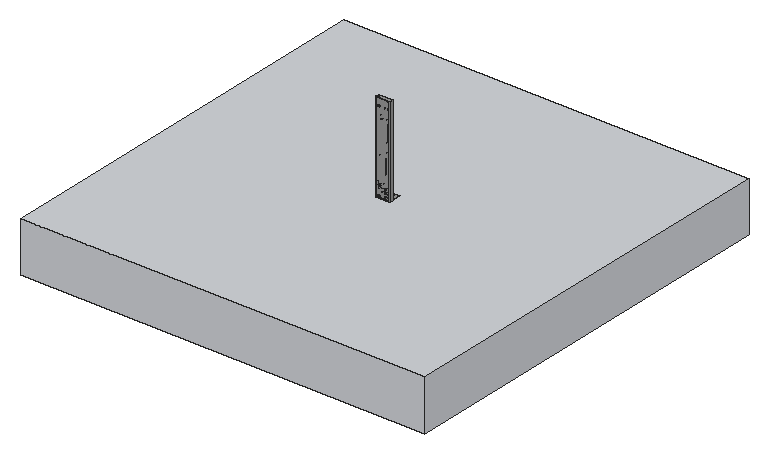
Revit family "Hekatron_Feststellanlagen_KONSOLE 143-K_DE_22.01", category Brandmelder, Revit 2018
Family settings
  Basisbauteil = Fläche
  Beschriftungsausrichtung beibehalten = Nein
  Bemaßung runder Anschluss = Durchmesser verwenden
  Teiletyp = Normal
  Beim Laden mit Abzugskörper schneiden = Nein
  Gemeinsam genutzt = Nein
  Raumberechnungspunkt = Nein
Parameters (values of type "Console 143-K")
  Zulässige Umgebungstemperatur = ""
  Zulässige Luftgeschwindigkeit = ""
  Zulassungen nach EN 54 = ""
  Width [instance] = 75 mm
  Version des BIM Objektes = "22.01"
  VdS-Anerkennung = ""
  URL = "https://www.hekatron-brandschutz.de"
  UB A&S Artikel Nummer = "3510233"
  Typenkommentare = "Konsole für Montage der Krag- arm Rauch-und Thermoschalter"
  Tiefe (mm) = "86.0"
  Stromaufnahme = ""
  Schutzart = ""
  Rauchteil einstellbar = ""
  Nettogewicht (g) = ""
  Montageart = "Wand- oder Sturzmontage"
  Modell = "KONSOLE 143-K"
  Material = "Metall"
  Link zum Datenblatt = ""
  Link zu ausschreiben.de = "http://www.ausschreiben.de/katalog/Hekatron/position/47"
  Link zu Produktinformation = "https://www.hekatron-planungstools.de/Produktinfo/KONSOLE_143-K.PDF"
  Link zu Ausschreibungstext = "https://www.meinhplus.de/login"
  Leistungserklärung (DoP) = ""
  Lautstärke DIN-Ton (dB) = ""
  Kabeleinführung = ""
  Höhe (mm) = "75.0"
  Hersteller = "Hekatron"
  Heigth [instance] = 81 mm
  Funktionsprinzip = ""
  Farbe = "weiß, ähnlich RAL 9010"
  Ex-Zonen = ""
  Einstellung Temperaturklasse nach EN 54-5 = ""
  Einstellung Temperaturindex nach EN 54-5 = ""
  Einstellung Rauchempfindlichkeit nach EN 54-20 = ""
  Einstellen Rauchempfindlichkeit nach EN 54-7 = ""
  EG-Konformitätszertifikat / Zertifikat der Leistungsbeständigkeit = ""
  Durchmesser (mm) = ""
  Depth [instance] = 541.5 mm
  Vorgabe-Ansicht = 1200 mm
  Breite (mm) = "541.5"
  Betriebsspannung = ""
  Beschreibung = "Konsole zur Montage von Rauch- und Thermoschaltern gemäß DIBt Vorgaben auf min. 3,5m über dem Türsturz bei Sturzhöhen größer 5m."
  Bauartgenehmigungen = ""
  Anzahl Ansaugleitungen = ""
  Ansprechtemperatur = ""
  Alarm- & Empfindlichkeitsbereich = ""
Reference planes
  plane 1 "Center (Front/Back)": y = 0
  plane 2: z = 0
  plane 3 "Center (Left/Right)": x = 0
Forms (mm)
  Extrusion 1, solid
    sketch origin (0, 0, 0) x (1, 0, 0) y (0, 1, 0)
      loop
        line (-1219.2, 1219.2) -> (-1219.2, -1219.2) -> (1219.2, -1219.2) -> (1219.2, 1219.2) -> (-1219.2, 1219.2)
    from 0 to -304.8
  Extrusion 2, solid, material "Steel, Carbon"
    sketch origin (0, 0, 0) x (1, 0, 0) y (0, 1, 0)
      loop
        arc (-43, -8.5) -> (-41.828, -11.328) -> (-39, -12.5) r 4
        line (-39, -12.5) -> (39, -12.5)
        arc (39, -12.5) -> (41.828, -11.328) -> (43, -8.5) r 4
        line (43, -8.5) -> (43, 12.5) -> (41, 12.5) -> (41, -8.5)
        arc (41, -8.5) -> (40.414, -9.914) -> (39, -10.5) r 2
        line (39, -10.5) -> (-39, -10.5)
        arc (-39, -10.5) -> (-40.414, -9.914) -> (-41, -8.5) r 2
        line (-41, -8.5) -> (-41, 12.5) -> (-43, 12.5) -> (-43, -8.5)
    from 0 to 541.5
  Extrusion 3, solid, material "Steel, Carbon"
    sketch origin (0, 0, 0) x (0, 1, 0) y (0, 0, 1)
      loop
        arc (-8.5, 2) -> (-9.914, 2.586) -> (-10.5, 4) r 2
        line (-10.5, 4) -> (-10.5, 537.5)
        arc (-10.5, 537.5) -> (-9.914, 538.914) -> (-8.5, 539.5) r 2
        line (-8.5, 539.5) -> (12.5, 539.5) -> (12.5, 541.5) -> (-8.5, 541.5)
        arc (-8.5, 541.5) -> (-11.328, 540.328) -> (-12.5, 537.5) r 4
        line (-12.5, 537.5) -> (-12.5, 4)
        arc (-12.5, 4) -> (-11.328, 1.172) -> (-8.5, 0) r 4
        line (-8.5, 0) -> (62.5, 0) -> (62.5, 2) -> (-8.5, 2)
    from -40.5 to 40.5
  Extrusion 4, void
    sketch origin (0, 0, 0) x (1, 0, 0) y (0, 1, 0)
      loop
        circle (0, 40.5) r 5.5
      loop
        arc (-22.75, 45.263) -> (-20, 35) -> (-17.25, 45.263) r 5.5
        line (-17.25, 45.263) -> (-17.25, 52)
        arc (-17.25, 52) -> (-20, 54.75) -> (-22.75, 52) r 2.75
        line (-22.75, 52) -> (-22.75, 45.263)
      loop
        line (22.75, 45.263) -> (22.75, 52)
        arc (22.75, 52) -> (20, 54.75) -> (17.25, 52) r 2.75
        line (17.25, 52) -> (17.25, 45.263)
        arc (17.25, 45.263) -> (20, 35) -> (22.75, 45.263) r 5.5
      loop
        circle (-20, 2.5) r 7.5
      loop
        circle (20, 2.5) r 7.5
    from -7.115 to 8.341
  Extrusion 5, void
    sketch origin (0, 0, 0) x (1, 0, 0) y (0, 0, 1)
      loop
        circle (20, 15) r 7.5
      loop
        circle (-20, 15) r 7.5
    from 5.779 to 20.244
  Extrusion 6, solid, material "Steel, Carbon"
    sketch origin (0, 0, 0) x (1, 0, 0) y (0, 0, 1)
      loop
        line (31.5, 417.2) -> (-31.5, 417.2) -> (-31.5, 324.2) -> (31.5, 324.2) -> (31.5, 417.2)
    from 2.5 to 10.5
  Extrusion 7, void
    sketch origin (0, 0, 220.5) x (1, 0, 0) y (0, 0, 1)
      loop
        circle (-16.5, 279.5) r 5
      loop
        circle (16.5, 279.5) r 5
      loop
        circle (-29.75, 279.5) r 1.25
      loop
        circle (29.75, 279.5) r 1.25
    from 7.958 to 16.977
  Extrusion 8, solid, material "Steel, Carbon"
    sketch origin (0, 0, 220.501) x (1, 0, 0) y (0, 0, 1)
      loop
        circle (29.799, 279.499) r 3.15
      loop
        circle (29.799, 279.499) r 1.25
      loop
        circle (-29.799, 279.499) r 3.15
      loop
        circle (-29.799, 279.499) r 1.25
    from 9 to 10.5
  Extrusion 9, solid, material "Steel, Carbon"
    sketch origin (0, 0, 36) x (1, 0, 0) y (0, 0, 1)
      loop
        circle (22.7, 226) r 3.57
      loop
        circle (22.7, 226) r 1.75
      loop
        circle (-22.7, 226) r 3.57
      loop
        circle (-22.7, 226) r 1.75
    from -12.5 to 10.5
  Extrusion 10, solid, material "Steel, Carbon"
    sketch origin (0, 0, 0) x (1, 0, 0) y (0, 0, 1)
      loop
        line (15, 237) -> (-15, 237)
        arc (-15, 237) -> (-16.414, 236.414) -> (-17, 235) r 2
        line (-17, 235) -> (-17, 141)
        arc (-17, 141) -> (-16.414, 139.586) -> (-15, 139) r 2
        line (-15, 139) -> (15, 139)
        arc (15, 139) -> (16.414, 139.586) -> (17, 141) r 2
        line (17, 141) -> (17, 235)
        arc (17, 235) -> (16.414, 236.414) -> (15, 237) r 2
    from 10 to 10.5
  Extrusion 11, solid, material "Steel, Carbon"
    sketch origin (0, 0, 214) x (1, 0, 0) y (0, 0, 1)
      loop
        circle (22.7, 226) r 3.57
      loop
        circle (22.7, 226) r 1.75
      loop
        circle (-22.7, 226) r 3.57
      loop
        circle (-22.7, 226) r 1.75
    from -12.5 to 10.5
  Extrusion 12, solid, material "Steel, Carbon"
    sketch origin (0, 0, 0) x (1, 0, 0) y (0, 0, 1)
      loop
        line (31.5, 324.2) -> (-31.5, 324.2) -> (-22.5, 311.2) -> (22.5, 311.2) -> (31.5, 324.2)
    from 10 to 10.5
  Extrusion 13, solid, material "Steel, Carbon"
    sketch origin (0, 0, 0) x (0, 1, 0) y (0, 0, 1)
      loop
        line (-10.5, 305.4) -> (-10.5, 285.4) -> (-9.7, 285.4) -> (-9.7, 305.4)
        arc (-9.7, 305.4) -> (-8.72, 310.191) -> (-5.937, 314.212) r 12.2
        arc (-5.937, 314.212) -> (-2.809, 318.781) -> (-1.7, 324.2) r 13.8
        line (-1.7, 324.2) -> (-1.7, 417.2)
        arc (-1.7, 417.2) -> (-2.809, 422.619) -> (-5.956, 427.168) r 13.8
        arc (-5.956, 427.168) -> (-8.72, 431.209) -> (-9.7, 436) r 12.2
        line (-9.7, 436) -> (-9.7, 456) -> (-10.5, 456) -> (-10.5, 436)
        arc (-10.5, 436) -> (-9.456, 430.895) -> (-6.49, 426.61) r 13
        arc (-6.49, 426.61) -> (-3.544, 422.305) -> (-2.5, 417.2) r 13
        line (-2.5, 417.2) -> (-2.5, 324.2)
        arc (-2.5, 324.2) -> (-3.544, 319.095) -> (-6.51, 314.81) r 13
        arc (-6.51, 314.81) -> (-9.456, 310.505) -> (-10.5, 305.4) r 13
    from -10 to 10
Cuts and joins
  Extrusion 4, Extrusion 5, Extrusion 7 cuts Extrusion 3
  Extrusion 5, Extrusion 7 cuts Extrusion 2
  joined: Extrusion 2, Extrusion 6, Extrusion 9, Extrusion 10, Extrusion 11, Extrusion 12, Extrusion 13
Dimensions and locks
  "Width": cut or joined group of Extrusion 3, Extrusion 4, Extrusion 5, Extrusion 7 to cut or joined group 1 (Extrusion 2, Extrusion 5, Extrusion 6, Extrusion 7, Extrusion 9, Extrusion 10, Extrusion 11, Extrusion 12, Extrusion 13)
  "Heigth": cut or joined group of Extrusion 3, Extrusion 4, Extrusion 5, Extrusion 7 to cut or joined group of Extrusion 3, Extrusion 4, Extrusion 5, Extrusion 7
  "Depth": cut or joined group 1 to Extrusion 1
  aligned and locked: plane 2 to Extrusion 1
  aligned and locked: level to Extrusion 1
Automatic sketch dimensions
  Extrusion 1 sketch curve to Extrusion 1 sketch curve = 2438.4 mm  (x2)
  Extrusion 2 sketch curve to Extrusion 2 sketch curve = 0 mm  (x4)
  plane 1 "Center (Front/Back)" to Extrusion 2 sketch curve = 8.5 mm  (x2)
  Extrusion 2 sketch curve to plane 3 "Center (Left/Right)" = 43 mm
  Extrusion 2 sketch curve to Extrusion 2 sketch curve = 2 mm  (x2)
  plane 3 "Center (Left/Right)" to Extrusion 2 sketch curve = 39 mm
  Extrusion 2 sketch curve to plane 1 "Center (Front/Back)" = 12.5 mm  (x2)
  Extrusion 3 sketch curve to Extrusion 3 sketch curve = 0 mm  (x4)
  Extrusion 3 sketch curve to level = 0 mm
  level to Extrusion 3 sketch curve = 4 mm
  plane 1 "Center (Front/Back)" to Extrusion 3 sketch curve = 12.5 mm
  Extrusion 3 sketch curve to Extrusion 3 sketch curve = 2 mm  (x2)
  Extrusion 3 sketch curve to plane 1 "Center (Front/Back)" = 12.5 mm
  Extrusion 3 sketch curve to plane 1 "Center (Front/Back)" = 62.5 mm
  Extrusion 3 sketch curve to Extrusion 3 sketch curve = 533.5 mm
  Extrusion 4 sketch curve to plane 3 "Center (Left/Right)" = 0 mm
  Extrusion 4 sketch curve to plane 3 "Center (Left/Right)" = 17.25 mm
  Extrusion 4 sketch curve to plane 1 "Center (Front/Back)" = 2.5 mm  (x2)
  Extrusion 4 sketch curve to plane 3 "Center (Left/Right)" = 20 mm
  Extrusion 4 sketch curve to Extrusion 4 sketch curve = 2.75 mm  (x4)
  plane 3 "Center (Left/Right)" to Extrusion 4 sketch curve = 17.25 mm
  plane 3 "Center (Left/Right)" to Extrusion 4 sketch curve = 20 mm
  Extrusion 4 sketch curve to Extrusion 4 sketch curve = 38 mm  (x2)
  Extrusion 4 sketch curve to Extrusion 4 sketch curve = 0 mm
  Extrusion 4 sketch curve to Extrusion 4 sketch curve = 4.763 mm  (x2)
  Extrusion 4 sketch curve to Extrusion 4 sketch curve = 6.737 mm  (x2)
  Extrusion 5 sketch curve to plane 3 "Center (Left/Right)" = 20 mm
  plane 3 "Center (Left/Right)" to Extrusion 5 sketch curve = 20 mm
  level to Extrusion 5 sketch curve = 15 mm  (x2)
  Extrusion 6 sketch curve to plane 3 "Center (Left/Right)" = 31.5 mm
  plane 3 "Center (Left/Right)" to Extrusion 6 sketch curve = 31.5 mm
  level to Extrusion 6 sketch curve = 324.2 mm
  Extrusion 6 sketch curve to Extrusion 6 sketch curve = 93 mm
  Extrusion 7 sketch curve to plane 3 "Center (Left/Right)" = 29.75 mm
  Extrusion 7 sketch curve to Extrusion 7 sketch curve = 13.25 mm  (x2)
  plane 3 "Center (Left/Right)" to Extrusion 7 sketch curve = 16.5 mm
  level to Extrusion 7 sketch curve = 500 mm
  Extrusion 7 sketch curve to Extrusion 7 sketch curve = 0 mm  (x3)
  Extrusion 8 sketch curve to Extrusion 8 sketch curve = 0 mm  (x5)
  Extrusion 8 sketch curve to plane 3 "Center (Left/Right)" = 29.799 mm
  plane 3 "Center (Left/Right)" to Extrusion 8 sketch curve = 29.799 mm
  level to Extrusion 8 sketch curve = 500 mm
  Extrusion 9 sketch curve to Extrusion 9 sketch curve = 0 mm  (x5)
  Extrusion 9 sketch curve to plane 3 "Center (Left/Right)" = 22.7 mm
  plane 3 "Center (Left/Right)" to Extrusion 9 sketch curve = 22.7 mm
  level to Extrusion 9 sketch curve = 262 mm
  Extrusion 10 sketch curve to plane 3 "Center (Left/Right)" = 17 mm
  Extrusion 10 sketch curve to Extrusion 10 sketch curve = 2 mm  (x3)
  plane 3 "Center (Left/Right)" to Extrusion 10 sketch curve = 15 mm  (x2)
  level to Extrusion 10 sketch curve = 139 mm
  Extrusion 10 sketch curve to Extrusion 10 sketch curve = 94 mm
  Extrusion 11 sketch curve to Extrusion 11 sketch curve = 0 mm  (x5)
  Extrusion 11 sketch curve to plane 3 "Center (Left/Right)" = 22.7 mm
  plane 3 "Center (Left/Right)" to Extrusion 11 sketch curve = 22.7 mm
  level to Extrusion 11 sketch curve = 440 mm
  Extrusion 12 sketch curve to plane 3 "Center (Left/Right)" = 31.5 mm
  Extrusion 12 sketch curve to Extrusion 12 sketch curve = 9 mm  (x2)
  plane 3 "Center (Left/Right)" to Extrusion 12 sketch curve = 22.5 mm
  level to Extrusion 12 sketch curve = 311.2 mm
  Extrusion 12 sketch curve to Extrusion 12 sketch curve = 13 mm
  Extrusion 13 sketch curve to Extrusion 13 sketch curve = 0 mm  (x8)
  plane 1 "Center (Front/Back)" to Extrusion 13 sketch curve = 15.5 mm  (x2)
  plane 1 "Center (Front/Back)" to Extrusion 13 sketch curve = 10.5 mm  (x2)
  Extrusion 13 sketch curve to Extrusion 13 sketch curve = 0.8 mm  (x3)
  plane 1 "Center (Front/Back)" to Extrusion 13 sketch curve = 2.5 mm
  Extrusion 13 sketch curve to plane 1 "Center (Front/Back)" = 2.5 mm  (x2)
  level to Extrusion 13 sketch curve = 285.4 mm
  Extrusion 13 sketch curve to Extrusion 13 sketch curve = 20 mm  (x2)
  Extrusion 13 sketch curve to Extrusion 13 sketch curve = 18.8 mm  (x2)
  Extrusion 13 sketch curve to Extrusion 13 sketch curve = 93 mm
  plane 1 "Center (Front/Back)" to Extrusion 13 sketch curve = 6.51 mm  (x2)
  Extrusion 13 sketch curve to Extrusion 13 sketch curve = 0.019 mm  (x4)
  Extrusion 13 sketch curve to Extrusion 13 sketch curve = 0.534 mm  (x2)
  radius of Extrusion 4 sketch curve = 5.5 mm
  radius of Extrusion 4 sketch curve = 7.5 mm  (x2)
  radius of Extrusion 5 sketch curve = 7.5 mm  (x2)
  radius of Extrusion 7 sketch curve = 5 mm  (x2)
  radius of Extrusion 7 sketch curve = 1.25 mm  (x2)
  radius of Extrusion 8 sketch curve = 3.15 mm  (x2)
  radius of Extrusion 8 sketch curve = 1.25 mm  (x2)
  radius of Extrusion 9 sketch curve = 3.57 mm  (x2)
  radius of Extrusion 9 sketch curve = 1.75 mm  (x2)
  radius of Extrusion 11 sketch curve = 3.57 mm  (x2)
  radius of Extrusion 11 sketch curve = 1.75 mm  (x2)
